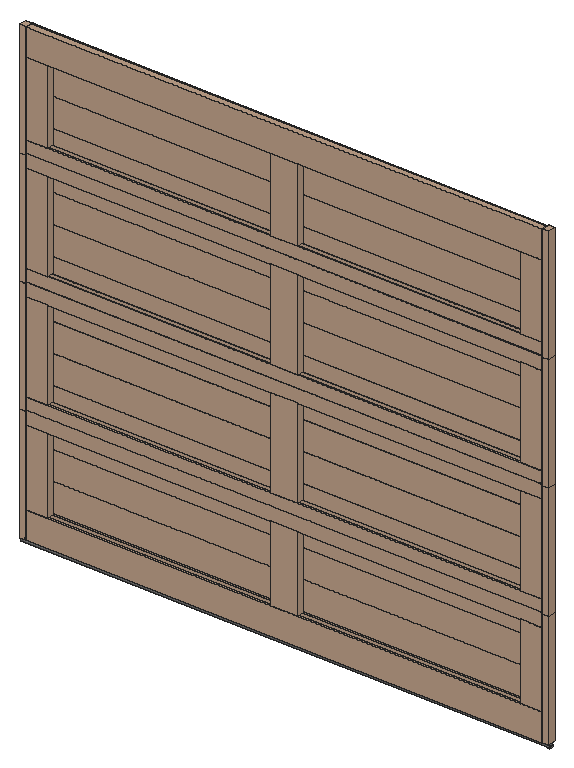
Revit family "GSNGL 4V HORIZ", category Doors, host Wall, Revit 2024
Family settings
  Host = Wall
  OmniClass Number = 23.30.10.00
  OmniClass Title = Doors
  Always vertical = Yes
  Cut with Voids When Loaded = No
  Shared = No
  Room Calculation Point = No
Parameters
  Wall Opening [instance] = 4880 mm
  Function = Interior
  Frame Projection Ext. = 25 mm
  Frame Projection Int. = 25 mm
  Frame Width = 75 mm
  Height = 2135 mm
  Wall Closure = By host
  Width = 2440 mm
Reference planes
  plane 1: y = 0
  plane 2 "Center (Left/Right)": x = 0
  plane 3: z = 2135
  plane 4 "Exterior": y = 75
  plane 5 "Interior": y = -75
  plane 6 "Garage Bottom": y = 75
  plane 7: z = 19.954
  plane 8 "Garage Top": z = 2190
  plane 9 "Garage Right": x = -1250
  plane 10 "Garage Left": x = 1250
Forms (mm)
  Extrusion 1, void
    sketch origin (-7863.5, -161, 121.13) x (1, 0, 0) y (0, 0, -1)
      loop
        circle (0, -942.37) r 4
      loop
        circle (0, -905.37) r 4
    from 0 to 5
  Extrusion 2, void
    sketch origin (-7736.5, -161, 121.13) x (-1, 0, 0) y (0, 0, 1)
      loop
        circle (0, 942.37) r 4
      loop
        circle (0, 905.37) r 4
    from 0 to 5
  Extrusion 3, solid, material "VERSAWOOD (TEST 2)"
    sketch origin (1220, -46, 2189.314) x (0, -1, 0) y (0, 0, -1)
      loop
        line (75, 2169.454) -> (75, 2039.454) -> (80, 2039.454) -> (80, 2054.454) -> (90, 2054.454) -> (100, 2054.454) -> (100, 2039.454) -> (105, 2039.454) -> (105, 2169.454) -> (75, 2169.454)
    from -2440 to 0
  Extrusion 4, solid, material "Rubber"
    sketch origin (1220, -35, -0.049) x (0, 1, 0) y (0, 0, 1)
      loop
        line (-111, 19.909) -> (-111, 16.909) -> (-106, 16.909) -> (-106, 14.004)
        spline (-106, 14.004) -> (-109.192, 11.809) -> (-110.848, 8.808) -> (-110.659, 5.562) -> (-108.66, 2.681) -> (-105.226, 0.703) -> (-101, 0) -> (-96.774, 0.703) -> (-93.34, 2.681) -> (-91.341, 5.562) -> (-91.152, 8.808) -> (-92.808, 11.809) -> (-96, 14.004)
        line (-96, 14.004) -> (-96, 16.909) -> (-91, 16.909) -> (-91, 19.909) -> (-111, 19.909)
      loop
        line (-98, 16.909) -> (-104, 16.909) -> (-104, 14.633)
        arc (-104, 14.633) -> (-101, 15.009) -> (-98, 14.633) r 12.129
        line (-98, 14.633) -> (-98, 16.909)
      loop
        spline (-101, 1.513) -> (-98.929, 1.717) -> (-97, 2.316) -> (-95.343, 3.268) -> (-94.072, 4.509) -> (-93.273, 5.954) -> (-93, 7.505) -> (-93.273, 9.055) -> (-94.072, 10.501) -> (-95.343, 11.742) -> (-97, 12.694) -> (-98.929, 13.292) -> (-101, 13.496)
        spline (-101, 13.496) -> (-103.071, 13.292) -> (-105, 12.694) -> (-106.657, 11.742) -> (-107.928, 10.501) -> (-108.727, 9.055) -> (-109, 7.505) -> (-108.727, 5.954) -> (-107.928, 4.509) -> (-106.657, 3.268) -> (-105, 2.316) -> (-103.071, 1.717) -> (-101, 1.513)
    from -2470 to 30
  Extrusion 5, solid, material "VERSAWOOD (TEST 2)"
    sketch origin (1220, -46, 26.406) x (0, -1, 0) y (0, 0, -1)
      loop
        line (75, -2169.454) -> (105, -2169.454) -> (105, -2039.454) -> (100, -2039.454) -> (100, -2054.454) -> (90, -2054.454) -> (80, -2054.454) -> (80, -2039.454) -> (75, -2039.454) -> (75, -2169.454)
    from -2440 to 0
  Extrusion 6, solid, material "VERSAWOOD (TEST 2)"
    sketch origin (1220, -46, -42.597) x (0, -1, 0) y (0, 0, -1)
      loop
        line (80, -1743.957) -> (100, -1743.957) -> (100, -1758.957) -> (105, -1758.957) -> (105, -1702.957) -> (103, -1702.957)
        arc (103, -1702.957) -> (102.106, -1702.832) -> (101.279, -1702.468) r 3.273
        line (101.279, -1702.468) -> (89.127, -1694.957) -> (75, -1694.957) -> (75, -1758.957) -> (80, -1758.957) -> (80, -1743.957)
      loop
        line (80, -1652.957) -> (80, -1637.957) -> (75, -1637.957) -> (75, -1693.957) -> (88.766, -1693.957)
        arc (88.766, -1693.957) -> (89.387, -1694.043) -> (89.961, -1694.296) r 2.273
        line (89.961, -1694.296) -> (101.805, -1701.617)
        arc (101.805, -1701.617) -> (102.379, -1701.87) -> (103, -1701.957) r 2.273
        line (103, -1701.957) -> (105, -1701.957) -> (105, -1637.957) -> (100, -1637.957) -> (100, -1652.957) -> (80, -1652.957)
    from -2440 to 0
  Extrusion 7, solid, material "VERSAWOOD (TEST 2)"
    sketch origin (1220, -46, -586.597) x (0, -1, 0) y (0, 0, -1)
      loop
        line (80, -1743.957) -> (100, -1743.957) -> (100, -1758.957) -> (105, -1758.957) -> (105, -1702.957) -> (103, -1702.957)
        arc (103, -1702.957) -> (102.106, -1702.832) -> (101.279, -1702.468) r 3.273
        line (101.279, -1702.468) -> (89.127, -1694.957) -> (75, -1694.957) -> (75, -1758.957) -> (80, -1758.957) -> (80, -1743.957)
      loop
        line (80, -1652.957) -> (80, -1637.957) -> (75, -1637.957) -> (75, -1693.957) -> (88.766, -1693.957)
        arc (88.766, -1693.957) -> (89.387, -1694.043) -> (89.961, -1694.296) r 2.273
        line (89.961, -1694.296) -> (101.805, -1701.617)
        arc (101.805, -1701.617) -> (102.379, -1701.87) -> (103, -1701.957) r 2.273
        line (103, -1701.957) -> (105, -1701.957) -> (105, -1637.957) -> (100, -1637.957) -> (100, -1652.957) -> (80, -1652.957)
    from -2440 to 0
  Extrusion 8, solid, material "VERSAWOOD (TEST 2)"
    sketch origin (1220, -46, -1130.597) x (0, -1, 0) y (0, 0, -1)
      loop
        line (80, -1743.957) -> (100, -1743.957) -> (100, -1758.957) -> (105, -1758.957) -> (105, -1702.957) -> (103, -1702.957)
        arc (103, -1702.957) -> (102.106, -1702.832) -> (101.279, -1702.468) r 3.273
        line (101.279, -1702.468) -> (89.127, -1694.957) -> (75, -1694.957) -> (75, -1758.957) -> (80, -1758.957) -> (80, -1743.957)
      loop
        line (80, -1652.957) -> (80, -1637.957) -> (75, -1637.957) -> (75, -1693.957) -> (88.766, -1693.957)
        arc (88.766, -1693.957) -> (89.387, -1694.043) -> (89.961, -1694.296) r 2.273
        line (89.961, -1694.296) -> (101.805, -1701.617)
        arc (101.805, -1701.617) -> (102.379, -1701.87) -> (103, -1701.957) r 2.273
        line (103, -1701.957) -> (105, -1701.957) -> (105, -1637.957) -> (100, -1637.957) -> (100, -1652.957) -> (80, -1652.957)
    from -2440 to 0
  Extrusion 9, solid, material "VERSAWOOD (TEST)"
    sketch origin (3964.172, 254, 423.86) x (0, -1, 0) y (-1, 0, 0)
      loop
        line (375, 5184.172) -> (375, 5084.172) -> (405, 5084.172) -> (405, 5184.172) -> (375, 5184.172)
      loop
        line (375, 2744.172) -> (405, 2744.172) -> (405, 2844.172) -> (375, 2844.172) -> (375, 2744.172)
      loop
        line (375, 3901.672) -> (405, 3901.672) -> (405, 4026.672) -> (375, 4026.672) -> (375, 3901.672)
    from -83.5 to 274
  Extrusion 10, solid, material "VERSAWOOD (TEST 2)"
    sketch origin (-1250, -115, 19.86) x (1, 0, 0) y (0, 0, 1)
      loop
        line (30, 2176) -> (0, 2176) -> (0, 1632) -> (30, 1632) -> (30, 2176)
      loop
        line (2470, 2176) -> (2470, 1632) -> (2500, 1632) -> (2500, 2176) -> (2470, 2176)
    from 0 to 36
  Extrusion 11, solid, material "VERSAWOOD (TEST 2)"
    sketch origin (-1250, -115, -524.14) x (1, 0, 0) y (0, 0, 1)
      loop
        line (30, 2176) -> (0, 2176) -> (0, 1632) -> (30, 1632) -> (30, 2176)
      loop
        line (2470, 2176) -> (2470, 1632) -> (2500, 1632) -> (2500, 2176) -> (2470, 2176)
    from 0 to 36
  Extrusion 12, solid, material "VERSAWOOD (TEST 2)"
    sketch origin (-1250, -115, -1068.14) x (1, 0, 0) y (0, 0, 1)
      loop
        line (30, 2176) -> (0, 2176) -> (0, 1632) -> (30, 1632) -> (30, 2176)
      loop
        line (2470, 2176) -> (2470, 1632) -> (2500, 1632) -> (2500, 2176) -> (2470, 2176)
    from 0 to 36
  Extrusion 13, solid, material "VERSAWOOD (TEST 2)"
    sketch origin (-1250, -115, -1612.14) x (1, 0, 0) y (0, 0, 1)
      loop
        line (30, 2176) -> (0, 2176) -> (0, 1632) -> (30, 1632) -> (30, 2176)
      loop
        line (2470, 2176) -> (2470, 1632) -> (2500, 1632) -> (2500, 2176) -> (2470, 2176)
    from 0 to 36
  Extrusion 14, solid, material "VERSAWOOD (TEST 2)"
    sketch origin (-1250, -46, 1651.86) x (0, 1, 0) y (0, 0, 1)
      loop
        line (-75, 408) -> (-69, 408) -> (-69, 536) -> (-73, 536) -> (-73, 544) -> (-75, 544) -> (-75, 408)
    from 30 to 2470
  Extrusion 15, solid, material "VERSAWOOD (TEST 3 )"
    sketch origin (-1250, -46, 1515.86) x (0, 1, 0) y (0, 0, 1)
      loop
        line (-75, 408) -> (-69, 408) -> (-69, 536) -> (-73, 536) -> (-73, 544) -> (-75, 544) -> (-75, 408)
    from 30 to 2470
  Extrusion 16, solid, material "VERSAWOOD (TEST 2)"
    sketch origin (-1250, -46, 1379.86) x (0, 1, 0) y (0, 0, 1)
      loop
        line (-75, 408) -> (-69, 408) -> (-69, 536) -> (-73, 536) -> (-73, 544) -> (-75, 544) -> (-75, 408)
    from 30 to 2470
  Extrusion 17, solid, material "VERSAWOOD (TEST 3 )"
    sketch origin (-1250, -46, 1243.86) x (0, 1, 0) y (0, 0, 1)
      loop
        line (-75, 408) -> (-69, 408) -> (-69, 536) -> (-73, 536) -> (-73, 544) -> (-75, 544) -> (-75, 408)
    from 30 to 2470
  Extrusion 18, solid, material "VERSAWOOD (TEST 2)"
    sketch origin (-1250, -46, 1107.86) x (0, 1, 0) y (0, 0, 1)
      loop
        line (-75, 408) -> (-69, 408) -> (-69, 536) -> (-73, 536) -> (-73, 544) -> (-75, 544) -> (-75, 408)
    from 30 to 2470
  Extrusion 19, solid, material "VERSAWOOD (TEST 3 )"
    sketch origin (-1250, -46, 971.86) x (0, 1, 0) y (0, 0, 1)
      loop
        line (-75, 408) -> (-69, 408) -> (-69, 536) -> (-73, 536) -> (-73, 544) -> (-75, 544) -> (-75, 408)
    from 30 to 2470
  Extrusion 20, solid, material "VERSAWOOD (TEST 2)"
    sketch origin (-1250, -46, 835.86) x (0, 1, 0) y (0, 0, 1)
      loop
        line (-75, 408) -> (-69, 408) -> (-69, 536) -> (-73, 536) -> (-73, 544) -> (-75, 544) -> (-75, 408)
    from 30 to 2470
  Extrusion 21, solid, material "VERSAWOOD (TEST 3 )"
    sketch origin (-1250, -46, 699.86) x (0, 1, 0) y (0, 0, 1)
      loop
        line (-75, 408) -> (-69, 408) -> (-69, 536) -> (-73, 536) -> (-73, 544) -> (-75, 544) -> (-75, 408)
    from 30 to 2470
  Extrusion 22, solid, material "VERSAWOOD (TEST 2)"
    sketch origin (-1250, -46, 563.86) x (0, 1, 0) y (0, 0, 1)
      loop
        line (-75, 408) -> (-69, 408) -> (-69, 536) -> (-73, 536) -> (-73, 544) -> (-75, 544) -> (-75, 408)
    from 30 to 2470
  Extrusion 23, solid, material "VERSAWOOD (TEST 3 )"
    sketch origin (-1250, -46, 427.86) x (0, 1, 0) y (0, 0, 1)
      loop
        line (-75, 408) -> (-69, 408) -> (-69, 536) -> (-73, 536) -> (-73, 544) -> (-75, 544) -> (-75, 408)
    from 30 to 2470
  Extrusion 24, solid, material "VERSAWOOD (TEST 2)"
    sketch origin (-1250, -46, 291.86) x (0, 1, 0) y (0, 0, 1)
      loop
        line (-75, 408) -> (-69, 408) -> (-69, 536) -> (-73, 536) -> (-73, 544) -> (-75, 544) -> (-75, 408)
    from 30 to 2470
  Extrusion 25, solid, material "VERSAWOOD (TEST 3 )"
    sketch origin (-1250, -46, 155.86) x (0, 1, 0) y (0, 0, 1)
      loop
        line (-75, 408) -> (-69, 408) -> (-69, 536) -> (-73, 536) -> (-73, 544) -> (-75, 544) -> (-75, 408)
    from 30 to 2470
  Extrusion 26, solid, material "VERSAWOOD (TEST 2)"
    sketch origin (-1250, -46, 19.86) x (0, 1, 0) y (0, 0, 1)
      loop
        line (-75, 408) -> (-69, 408) -> (-69, 536) -> (-73, 536) -> (-73, 544) -> (-75, 544) -> (-75, 408)
    from 30 to 2470
  Extrusion 27, solid, material "VERSAWOOD (TEST 3 )"
    sketch origin (-1250, -46, -116.14) x (0, 1, 0) y (0, 0, 1)
      loop
        line (-75, 408) -> (-69, 408) -> (-69, 536) -> (-73, 536) -> (-73, 544) -> (-75, 544) -> (-75, 408)
    from 30 to 2470
  Extrusion 28, solid, material "VERSAWOOD (TEST 2)"
    sketch origin (-1250, -46, -252.14) x (0, 1, 0) y (0, 0, 1)
      loop
        line (-75, 408) -> (-69, 408) -> (-69, 536) -> (-73, 536) -> (-73, 544) -> (-75, 544) -> (-75, 408)
    from 30 to 2470
  Extrusion 29, solid, material "VERSAWOOD (TEST 3 )"
    sketch origin (-1250, -46, -388.14) x (0, 1, 0) y (0, 0, 1)
      loop
        line (-75, 408) -> (-69, 408) -> (-69, 536) -> (-73, 536) -> (-73, 544) -> (-75, 544) -> (-75, 408)
    from 30 to 2470
  Extrusion 30, solid, material "VERSAWOOD (TEST)"
    sketch origin (3964.172, 254, 902.36) x (0, -1, 0) y (-1, 0, 0)
      loop
        line (375, 5184.172) -> (375, 5084.172) -> (405, 5084.172) -> (405, 5184.172) -> (375, 5184.172)
      loop
        line (375, 2744.172) -> (405, 2744.172) -> (405, 2844.172) -> (375, 2844.172) -> (375, 2744.172)
      loop
        line (375, 3901.672) -> (405, 3901.672) -> (405, 4026.672) -> (375, 4026.672) -> (375, 3901.672)
    from -149 to 274
  Extrusion 31, solid, material "VERSAWOOD (TEST)"
    sketch origin (3964.172, 254, 1446.36) x (0, -1, 0) y (-1, 0, 0)
      loop
        line (375, 5184.172) -> (375, 5084.172) -> (405, 5084.172) -> (405, 5184.172) -> (375, 5184.172)
      loop
        line (375, 2744.172) -> (405, 2744.172) -> (405, 2844.172) -> (375, 2844.172) -> (375, 2744.172)
      loop
        line (375, 3901.672) -> (405, 3901.672) -> (405, 4026.672) -> (375, 4026.672) -> (375, 3901.672)
    from -149 to 274
  Extrusion 32, solid, material "VERSAWOOD (TEST)"
    sketch origin (3964.172, 254, 1990.36) x (0, -1, 0) y (-1, 0, 0)
      loop
        line (375, 5184.172) -> (375, 5084.172) -> (405, 5084.172) -> (405, 5184.172) -> (375, 5184.172)
      loop
        line (375, 2744.172) -> (405, 2744.172) -> (405, 2844.172) -> (375, 2844.172) -> (375, 2744.172)
      loop
        line (375, 3901.672) -> (405, 3901.672) -> (405, 4026.672) -> (375, 4026.672) -> (375, 3901.672)
    from -75.5 to 274
Lines and regions (mm)
  Opening 1
    outline origin (-5000, 75, 0) x (-1, 0, 0) y (0, 0, 1)
      loop
        line (-3780, 0) -> (-3780, 2135) -> (-6220, 2135) -> (-6220, 0) -> (-3780, 0)
  symbolic lines, style "Elevation Swing"
    curve 1: line (-1250, -2275, 1694) -> (1250, -2275, 1694)
    curve 2: line (-1250, -105, 1694) -> (-1250, -2275, 1694)
    curve 3: line (1250, -2275, 1694) -> (1250, -105, 1694)
Text (mm)
  text "Exterior" at (-2295.016, 1099.543, 0), in view "Ref. Level"
  text "Exterior" at (0, 1615.38, 3698.081), in view "Left"
  text "Exterior" at (0, 1036.032, 3874.932), in view "Right"
Dimensions and locks
  host wall to plane 3 = 2135 mm
  locked: plane 4 "Exterior" to host wall
  locked: plane 5 "Interior" to host wall
  plane 7 to plane 8 "Garage Top" = 2170.046 mm
  level to plane 7 = 19.954 mm
  plane 8 "Garage Top" to plane 7 = 2170.046 mm
  plane 9 "Garage Right" to plane 10 "Garage Left" = 2500 mm
  plane 10 "Garage Left" to plane 9 "Garage Right" = 2500 mm
  Extrusion 32 to Extrusion 32 = 2440 mm
  aligned and locked: plane 1 to host wall
